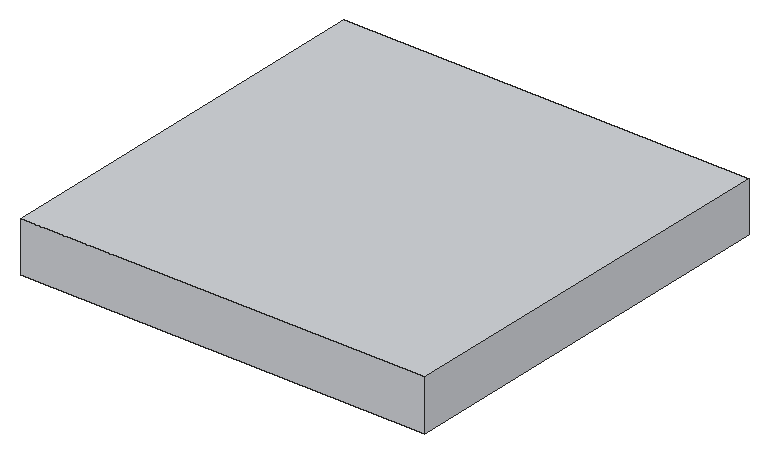
Revit family "机电管线标识", category 常规模型, Revit 2020
Family settings
  主体 = 面
  可将钢筋附着到主体 = 否
  圆形连接件大小 = 使用直径
  零件类型 = 标准
  加载时剪切的空心 = 否
  共享 = 否
  房间计算点 = 否
Parameters
  Default Elevation = 1219.2 mm
  机电管线标识 [instance] = "燃气管道"
  显示箭头 [instance] = no
  显示左箭头 [instance] = and(显示箭头, 左)  # no
  显示右箭头 [instance] = and(显示箭头, 右)  # no
  文字材质 [instance] = MEP-标识文字材质
  左 [instance] = yes
  字体大小 = 100 mm
  右 [instance] = not(左)  # no
Reference planes
  plane 1 "中心(前/后)": y = 0
  plane 2: z = 0
  plane 3 "中心(左/右)": x = 0
Forms (mm)
  Extrusion 1, solid
    sketch origin (0, 0, 0) x (1, 0, 0) y (0, 1, 0)
      loop
        line (-1219.2, 1219.2) -> (-1219.2, -1219.2) -> (1219.2, -1219.2) -> (1219.2, 1219.2) -> (-1219.2, 1219.2)
    from 0 to -304.8
Dimensions and locks
  aligned and locked: plane 2 to Extrusion 1
  aligned and locked: level to Extrusion 1
  aligned and locked: text3d elem to text3d elem  (x2)
  aligned and locked: plane 3 "中心(左/右)" to text3d elem  (x2)
